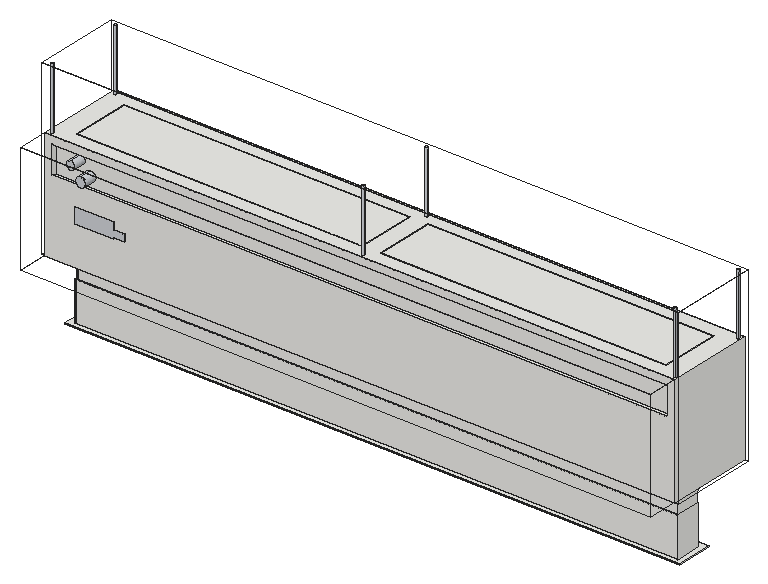
Revit family "AIRTECNICS_AIR CURTAIN_INVISAIR_DX-VRF_(TOSHIBA)", category Mechanical Equipment, Revit 2016
Family settings
  Part Type = Normal
  Round Connector Dimension = Use Diameter
  OmniClass Number = 23.75.70.21.17
  OmniClass Title = Air Curtains
  Work Plane-Based = No
  Always vertical = Yes
  Cut with Voids When Loaded = No
  Shared = No
  Room Calculation Point = No
Parameters (values of type "IECG 2000 VRF24-TO")
  · POSITION · [instance] = "-/ Select Curtain Position /-"  # constant formula
  · PIPES POSITION · [instance] = "-/ Select Pipes Position /-"  # constant formula
  · OTHERS · [instance] = "-/ Select Supports - Inst.Maint. Space /-"  # constant formula
  · KITS CONFIGURATION · [instance] = "-/ Configure Length Kit /-"  # constant formula
  · HEATING · = "-/ Select Heating /-"  # constant formula
  · EXTERNAL UNIT · [instance] = "-/ Select External Unit Type /-"  # constant formula
  · COIL ROWS · = "-/ Select DX Coil Rows /-"  # constant formula
  Weight [instance] = size_lookup(Name_Lookup_Data, "Weight", 1.00 kg, CM, CT, CH, CR, CDX)  # 89.00 kg
  WAn [instance] = 90.00°
  Voltage [instance] = 230 V  # constant formula
  URL_Manufacturer = "https://www.airtecnics.com/"
  URL_Datasheet = "https://www.airtecnics.com/download/file/5898/invisair-dx-toshiba-1-1-and-vrf.pdf"
  Triple Phase (External Ut.) [instance] = no
  Supports Length [instance] = 200.0 mm
  Supports (Horizontal) [instance] = yes
  Special Installation [instance] = no
  Single Phase (External Ut.) [instance] = not([Triple Phase (External Ut.)])  # yes
  Revit Version = "Revit 2016 - English"  # constant formula
  Review Date = "11/2018"  # constant formula
  Remote Control = "-"  # constant formula
  URL = "https://www.airtecnics.com/products/heat-pump-air-curtain-invisair-dx-for-toshiba"
  Refrigerant Pipes_P4 [instance] = no
  Refrigerant Pipes_P3 [instance] = no
  Refrigerant Pipes_P2 (Stn) [instance] = if(or(Refrigerant Pipes_P1, Refrigerant Pipes_P3, Refrigerant Pipes_P4), 1 = 0, 1 = 1)  # yes
  Refrigerant Pipes_P1 [instance] = no
  Product Size = if(L = 1500.0 mm, "1500", if(L = 2000.0 mm, "2000", "2500"))  # "2000"
  Product Reference [instance] = size_lookup(Name_Lookup_Ref, "", "Consult Manufacturer", CM, CT, CH, CR, CDX)  # "IECG 2000 VRF24-TO"
  Product Heating [instance] = if(DX 1:1, "Direct Expansion 1:1 system", "Direct Expansion VRF system")  # "Direct Expansion VRF system"
  Product Description [instance] = size_lookup(Name_Lookup_Data, "", "Consult Manufacturer", CM, CT, CH, CR, CDX)  # "Energy saving heat pump air curtain: Up to 70% reduction in costs and CO2 emissions (heating mode).\r\nSpecially designed for applications where the body of the air curtain is to be installed inside a column or bulkhead for architectural reasons. It can be vertically or horizontally mounted.\r\nSelf-supporting casing construction made of galvanized steel plate, finished in structural epoxy-polyester painting white colour RAL9016 as standard. Other colours or stainless steel are available on request. \r\nThe air flow of Invisair follows a straight line from the air inlet grille to the to the discharge. Inlet area inside a bulkhead or column should be designed with suitable grille provided by others.\r\nAnodized aluminium outlet vanes, airfoil shaped, adjustable from 0 to 15º each side.\r\nDouble-inlet centrifugal fans driven by an external rotor motor and low noise level. 5-speed selector. EC models assembled with very low consumption efficiency fans. \r\nIncludes only heating direct expansion coil with installed temperature sensors.\r\nPlug&Play control panel CS-5DX-NE slave DX with 5 speeds selector and 7m telephone cable included.\r\nReady to connect to TOSHIBA VRF outdoor heat pump unit (R410A), not included, the customer should purchase it.\r\nRequires MM-DXC010 TOSHIBA VRF Interface KIT adapted for air curtain, RBC-AMT32-E programmable control and MM-DXV280 expansion valve, please consult.\r\nAir Volume: 4380 m3/h \r\nFans:  0,426 kW  3,72 A 230Vx1 50/60Hz\r\nHeating capacity: 23,63 kW\r\nDimensions: 285x570/620x2055 mm (depth, height, length), including telescopic outlet for easy installation.\r\nNOT SUPPLIED BY AIRTÈCNICS:\r\nMM-DXC010 Interface VRF kit and RBC-AMT32-E programmable control.\r\nExpansion valve MM-DXV280.\r\nExternal unit VRF."
  Power Fans Factor [instance] = size_lookup(Name_Lookup_Data, "Power Fans Factor", 1, CM, CT, CH, CR, CDX)  # 0.5
  Power Fans [instance] = size_lookup(Name_Lookup_Data, "Power Fans", 1 kW, CM, CT, CH, CR, CDX)  # 0.426 kW
  P = 1 = 1  # yes
  Outlet Kit Length [instance] = 210.0 mm
  Noise Level (dB(A)) [instance] = size_lookup(Name_Lookup_Data, "Noise Level (dB(A))", 1, CM, CT, CH, CR, CDX)  # 63
  Name_Lookup_Ref_EU = "INVISAIR_(DX)_TO_Ref_EU_Lookup"  # constant formula
  Name_Lookup_Ref = "INVISAIR_(DX)_TO_Ref_Lookup"  # constant formula
  Name_Lookup_Data3 = "INVISAIR_(DX)_TO_Mainfolds_Lookup"  # constant formula
  Name_Lookup_Data2 = "INVISAIR_(DX)_TO_ExpValve_Lookup"  # constant formula
  Name_Lookup_Data = "INVISAIR_(DX)_TO_Data_Lookup"  # constant formula
  Model = "Air Curtain Invisair DX/VRF Toshiba"  # constant formula
  Material Grille = AIRTECNICS_Perforated_Invisair_White RAL 9016
  Material Curtain [instance] = AIRTECNICS_White RAL 9016
  Mainfolds [instance] = size_lookup(Name_Lookup_Data3, "", "Consult Manufacturer", CM, CT, CH, CR, CDX)  # "1\"1/8 & 1/2"
  Li1 [instance] = if(Horizontal, 226.5 mm, if(and(not(Horizontal), L < 2000.0 mm), (L + 25.0 mm) / 2 + 1.5 mm + 60.0 mm, if(and(not(Horizontal), L < 3000.0 mm), (L + 30.0 mm) / 2 + 1.5 mm + 60.0 mm, (L - 20.0 mm) / 2 + 1.5 mm + 60.0 mm)))  # 226.5 mm
  Length = if(L > 1500.0 mm, L + 55.0 mm, L + 50.0 mm)  # 2055.0 mm
  Kits Range [instance] = "Min. 210 mm / Max. 260 mm"  # constant formula
  Height [instance] = 570.0 mm + Outlet Kit Length - 210.0 mm + Depth - Depth  # 570.0 mm
  Heating Capacity [instance] = size_lookup(Name_Lookup_Data, "Heating Capacity", 1 kW, CM, CT, CH, CR, CDX)  # 23.63 kW
  Gas Coil Volume [instance] = size_lookup(Name_Lookup_Data, "Gas Coil Volume", 1.00 m³, CM, CT, CH, CR, CDX)  # 0.0041 m³
  G = 1 = 1  # yes
  Frequency = 50 Hz  # constant formula
  Fans Stage = 5  # constant formula
  Family Version = "1.0"  # constant formula
  External Ut. Reference [instance] = size_lookup(Name_Lookup_Ref_EU, "", "Consult Manufacturer", CM, CT, CH, CR, CEU, CDX)  # "Not available"
  Expansion Valve [instance] = size_lookup(Name_Lookup_Data2, "", "Consult Manufacturer", CM, CT, CH, CR, CDX)  # "MM-DXV280"
  EC = 1 = 1  # yes
  Dn_Metric_Refrig_Liquid [instance] = size_lookup(Name_Lookup_Data3, "Dn_Liquid", 1 mm, CM, CT, CH, CR, CDX)  # 15 mm
  Dn_Metric_Refrig_Gas [instance] = size_lookup(Name_Lookup_Data3, "Dn_Gas", 1 mm, CM, CT, CH, CR, CDX)  # 30 mm
  Depth = 285.0 mm  # constant formula
  DX VRF = not(DX 1:1)  # yes
  DX Kit [instance] = if(DX 1:1, "RAV-DXC010", "MM-DXC010")  # "MM-DXC010"
  DX Controller [instance] = "RBC-AMT32-E"  # constant formula
  DX Coil Rows = 4 = yes
  DX Coil Rows = 3 = not([DX Coil Rows = 4])  # no
  DX 1:1 = no
  Current Fans [instance] = size_lookup(Name_Lookup_Data, "Current Fans", 1 A, CM, CT, CH, CR, CDX)  # 3.72 A
  Created by = "BIMETRICAL"  # constant formula
  Control [instance] = "CS-5DX-NE"  # constant formula
  Capacity_Frig_Liquid [instance] = 0.0 L/s
  Capacity_Frig_Gas [instance] = 0.0 L/s
  Cable = "CB7"  # constant formula
  CT [instance] = if(L = 1000.0 mm, 2, 0) + if(L = 1500.0 mm, 4, 0) + if(L = 2000.0 mm, 8, 0) + if(L = 2500.0 mm, 16, 0) + if(L = 3000.0 mm, 32, 0)  # 8
  CR [instance] = if([DX Coil Rows = 3], 4, 2)  # 2
  CM [instance] = 12
  CH [instance] = if(DX 1:1, 2, 4)  # 4
  CEU [instance] = if([Single Phase (External Ut.)], 2, 4)  # 2
  CDX = 0
  Aspiration/Maintenance Space [instance] = yes
  Apparent Load [instance] = size_lookup(Name_Lookup_Data, "Apparent Load", 1 VA, CM, CT, CH, CR, CDX)  # 852 VA
  Airflow [instance] = size_lookup(Name_Lookup_Data, "Airflow", 1 m³/h, CM, CT, CH, CR, CDX)  # 4380 m³/h
  L = 2000.0 mm
  Type Image = <None>
  IfcExportType = "DXCOOLINGCOIL"  # constant formula
  IfcExportAs = "IfcCoilType"  # constant formula
  Horizontal [instance] = 1 = 1  # yes
  Manufacturer = "AIRTECNICS"  # constant formula
  Description = ""
  Type Comments = "Energy saving heat pump air curtain: Up to 70% reduction in costs and CO2 emissions (heating mode).\r\nSpecially designed for applications where the body of the air curtain is to be installed inside a column or bulkhead for architectural reasons. It can be vertically or horizontally mounted.\r\nSelf-supporting casing construction made of galvanized steel plate, finished in structural epoxy-polyester painting white colour RAL9016 as standard. Other colours or stainless steel are available on request.\r\nThe air flow of Invisair follows a straight line from the air inlet grille to the to the discharge. Inlet area inside a bulkhead or column should be designed with suitable grille provided by others.\r\nAnodized aluminium outlet vanes, airfoil shaped, adjustable from 0 to 15º each side.\r\nDouble-inlet centrifugal fans driven by an external rotor motor and low noise level. 5-speed selector. EC models assembled with very low consumption efficiency fans.\r\nIncludes only heating direct expansion coil with installed temperature sensors.\r\nPlug&Play control panel CS-5DX-NE slave DX with 5 speeds selector and 7m telephone cable included.\r\nDX 1:1:\r\nReady to connect to TOSHIBA Inverter outdoor heat pump unit (R410A) with expansion valve, not included, the customer should purchase it.\r\nRequires TOSHIBA DX Interface KIT adapted for air curtain and programmable control, please consult.\r\nDX VRF:\r\nReady to connect to TOSHIBA VRF outdoor heat pump unit (R410A), not included, the customer should purchase it.\r\nRequires TOSHIBA VRF Interface KIT adapted for air curtain, programmable control and expansion valve, please consult.\r\n"  # constant formula
  BIMETRICAL Category = "Coil"  # constant formula
  BIMETRICAL = "http://www.bimetrical.com"  # constant formula
Reference planes
  plane 1 "Centro (Frontal/Posterior)": z = 0
  plane 2: y = 246.57
  plane 3 "Centro (Izquierda/Derecha)": x = 0
Nested families
  nested 1: "GEOM_INVISAIR_(DX)" at (0, 246.57, 0), Outlet Kit Lenght <- "Outlet Kit Length", Supports (Horizontal) <- "Supports (Horizontal)", P1 <- "Refrigerant Pipes_P1", P3 <- "Refrigerant Pipes_P3", P4 <- "Refrigerant Pipes_P4", Aspiration/Maintenance Space <- "Aspiration/Maintenance Space", SPCI <- "Special Installation", type "GEOM_INVISAIR_(DX)"
    with Vertical Right no, Vertical Left no, VSUP yes, VPE no, VPD no, Supports (Horizontal) yes, STNI yes, SPCI no, P4 no, P3 no, P2 yes, P1 no, Outlet Kit Lenght 210.0 mm, OKL 210.0 mm, L3 10.0 mm, L2 10.0 mm, L1 176.22 mm, Horizontal yes, C_P 2, C_L 4, CH_4 235.0 mm, CH_3 37.0 mm, CH_2 139.0 mm, CH_1 275.86 mm, CC_4 50.0 mm, CC_3 221.89 mm, CC_2 106.0 mm, CC_1 313.83 mm, Aspiration/Maintenance Space yes, AH -90.00°, AC -90.00°, L* 2055.0 mm, L 2000.0 mm
Connectors
  electrical at (-825.125, 103.07, 148.65), driven by "Voltage", driven by "Apparent Load", driven by "Power Fans Factor"
    settings: on nested 1, index 1, voltage 230 V, apparent load 852 VA, apparent load phase1 0 VA, apparent load phase2 0 VA, apparent load phase3 0 VA, power factor 0.5, load classification "HVAC", number of poles 1, system type 30, power factor state 1, is connector primary yes, connector utility no, sub classification motor no, connector description ""
  piping at (-921.5, 77.18, 313.889), diameter 15, driven by "Capacity_Frig_Liquid", driven by "Dn_Metric_Refrig_Liquid"
    settings: on nested 1, index 2, connector inside diameter 609.6 mm, connector length 0.0 mm, flow factor 0, pipe flow 0.0 L/s, pressure drop 0.0 Pa, fitting loss kfactor 0, connector angle 0.00°, fixture units 0, engagement length 0.0 mm, angle of deflection 0.00°, flow configuration 1, flow direction 1, fitting loss method 0, system type 8, joint type 0, gender type 0, connector reference index -1, connector utility 0, adjustable connector no, is connector primary yes, connector description "Out"
  piping at (-888.5, 77.07, 275.86), diameter 30, driven by "Capacity_Frig_Gas", driven by "Dn_Metric_Refrig_Gas"
    settings: on nested 1, index 3, connector inside diameter 609.6 mm, connector length 0.0 mm, flow factor 0, pipe flow 0.0 L/s, pressure drop 0.0 Pa, fitting loss kfactor 0, connector angle 0.00°, fixture units 0, engagement length 0.0 mm, angle of deflection 0.00°, flow configuration 1, flow direction 1, fitting loss method 0, system type 8, joint type 0, gender type 0, connector reference index -1, connector utility 0, adjustable connector no, is connector primary no, connector description "In"
Definition of nested family "GEOM_INVISAIR_(DX)"
  Parameters (values of type "GEOM_INVISAIR_(DX)")
    Vertical Right [instance] = 1 = 0  # no
    Vertical Left [instance] = 1 = 0  # no
    VSUP [instance] = if(and(Horizontal, [Supports (Horizontal)]), 1 = 1, 1 = 0)  # yes
    VPE [instance] = Vertical Left  # no
    VPD [instance] = Vertical Right  # no
    Supports Length = 200.0 mm
    Supports (Horizontal) [instance] = yes
    STNI [instance] = not(SPCI)  # yes
    SPCI [instance] = no
    Revit Version = "Revit 2016 - English"  # constant formula
    Review Date = "11/2018"  # constant formula
    P4 [instance] = yes
    P3 [instance] = no
    P2 [instance] = not(or(P1, P3, P4))  # no
    P1 [instance] = no
    P = 1 = 1  # yes
    Outlet Kit Lenght [instance] = 210.0 mm
    OKL [instance] = if(Outlet Kit Lenght > 260.0 mm, 260.0 mm, if(Outlet Kit Lenght < 210.0 mm, 210.0 mm, Outlet Kit Lenght))  # 210.0 mm
    Name_CH = "CH_Dimensions_Lookup"  # constant formula
    Name_CC = "CC_Dimensions_Lookup"  # constant formula
    Model = "INVISAIR (DX)"  # constant formula
    Material Grille = none
    Material Curtain = none
    Manufacturer = "AIRTECNICS"  # constant formula
    L_sup = if(Supports Length = 0.0 mm, 1.0 mm, Supports Length)  # 200.0 mm
    L6 = 0.0 mm  # constant formula
    L5 = 0.0 mm  # constant formula
    L4 = 0.0 mm  # constant formula
    L3 [instance] = if(and(P, P4), 100.0 mm, 10.0 mm)  # 100.0 mm
    L2 [instance] = if(and(P, P1), 100.0 mm, 10.0 mm)  # 10.0 mm
    L1 [instance] = if(STNI, 176.22 mm, 108.78 mm)  # 176.22 mm
    L* = if(L < 2000.0 mm, L + 50.0 mm, L + 55.0 mm)  # 1550.0 mm
    L = 1500.0 mm
    Horizontal [instance] = 1 = 1  # yes
    Family Version = "1.0"  # constant formula
    Default Elevation = 1219.2 mm
    D_P = 20.00 mm
    Created by = "BIMETRICAL"  # constant formula
    C_P [instance] = if(P1, 1, 0) + if(P2, 2, 0) + if(P3, 4, 0) + if(P4, 8, 0)  # 8
    C_L [instance] = if(L = 1500.0 mm, 2, 0) + if(L = 2000.0 mm, 4, 0) + if(L = 2500.0 mm, 8, 0)  # 2
    CH_4 [instance] = size_lookup(Name_CH, "CH_4", 235.0 mm, C_L, C_P)  # 50.0 mm
    CH_3 [instance] = size_lookup(Name_CH, "CH_3", 37.0 mm, C_L, C_P)  # 106.0 mm
    CH_2 [instance] = size_lookup(Name_CH, "CH_2", 139.0 mm, C_L, C_P)  # 1444.0 mm
    CH_1 [instance] = size_lookup(Name_CH, "CH_1", 275.86 mm, C_L, C_P)  # 277.52 mm
    CC_4 [instance] = size_lookup(Name_CC, "CC_4", 50.0 mm, C_L, C_P)  # 235.0 mm
    CC_3 [instance] = size_lookup(Name_CC, "CC_3", 221.89 mm, C_L, C_P)  # 139.17 mm
    CC_2 [instance] = size_lookup(Name_CC, "CC_2", 106.0 mm, C_L, C_P)  # 1410.83 mm
    CC_1 [instance] = size_lookup(Name_CC, "CC_1", 313.86 mm, C_L, C_P)  # 307.52 mm
    BIMETRICAL = "http://www.bimetrical.com/"  # constant formula
    B1 = 0.0 mm  # constant formula
    B = 0.0 mm  # constant formula
    Aspiration/Maintenance Space [instance] = yes
    AH [instance] = size_lookup(Name_CH, "AH", 90.00°, C_L, C_P)  # 180.00°
    AC [instance] = size_lookup(Name_CC, "AC", 90.00°, C_L, C_P)  # 180.00°
    A = 0.0 mm  # constant formula
  Reference planes
    plane 1 "Centro (Frontal/Posterior)": y = 0
    plane 2: z = 0
    plane 3 "Centro (Izquierda/Derecha)": x = 0
    plane 4: y = 142.5
    plane 5: y = -142.5
    plane 6: x = -775
    plane 7: x = 775
    plane 8: z = 360
    plane 9: x = -751
    plane 10: x = 751
    plane 11: z = 337
    plane 12: x = -708
    plane 13: x = 708
    plane 14: x = 30
    plane 15: x = -30
    plane 16: y = -96.75
    plane 17: y = 96.75
    plane 18: z = 307.52
    plane 19: z = 277.52
    plane 20: x = 635.83
    plane 21: x = 669
    plane 22: y = -92.5
    plane 23: y = 92.5
    plane 24: x = -762.5
    plane 25: x = 762.5
    plane 26: y = 128.5
    plane 27: y = -128.5
  Forms (mm)
    Extrusion 1, solid, material <- "Material Curtain"
      sketch origin (-1376.546, -1524, 270) x (-1, 0, 0) y (0, -1, 0)
        loop
          line (-601.546, -1666.5) -> (-601.546, -1381.5) -> (-2151.546, -1381.5) -> (-2151.546, -1666.5) -> (-601.546, -1666.5)
      from -270 to 90
    Extrusion 2, void
      sketch origin (-1776.211, -142.5, 1200) x (1, 0, 0) y (0, 0, -1)
        loop
          line (1025.211, 863) -> (2527.211, 863) -> (2527.211, 956) -> (1025.211, 956) -> (1025.211, 863)
      from 13 to 0
    Extrusion 3, void
      sketch origin (-1504.338, -1524, 360) x (-1, 0, 0) y (0, -1, 0)
        loop
          line (-796.338, -1620.75) -> (-796.338, -1427.25) -> (-1474.338, -1427.25) -> (-1474.338, -1620.75) -> (-796.338, -1620.75)
        loop
          line (-1534.338, -1620.75) -> (-1534.338, -1427.25) -> (-2212.338, -1427.25) -> (-2212.338, -1620.75) -> (-1534.338, -1620.75)
      from 0 to -13
    Extrusion 4, solid, material <- "Material Grille"
      sketch origin (-1504.338, -1524, 360) x (-1, 0, 0) y (0, -1, 0)
        loop
          line (-796.338, -1620.75) -> (-796.338, -1427.25) -> (-1474.338, -1427.25) -> (-1474.338, -1620.75) -> (-796.338, -1620.75)
        loop
          line (-1534.338, -1620.75) -> (-1534.338, -1427.25) -> (-2212.338, -1427.25) -> (-2212.338, -1620.75) -> (-1534.338, -1620.75)
      from 0 to -2
    Extrusion 5, solid
      sketch origin (-1776.211, -142.5, 1200) x (-1, 0, 0) y (0, 0, -1)
        loop
          line (-1226.124, 1071.5) -> (-1226.298, 1067.5) -> (-1263.211, 1067.5) -> (-1263.211, 1044.2) -> (-1226.211, 1044.2) -> (-1226.211, 1022.2) -> (-1098.711, 1022.2) -> (-1098.711, 1071.5) -> (-1226.124, 1071.5)
      from 0 to 1
    Extrusion 6, solid, visible <- "P"
      sketch origin (775, -92.5, 307.52) x (0, 0, 1) y (0, -1, 0)
        loop
          circle (0.059, 0) r 13.5
      from 0 to 40
    Extrusion 7, solid, visible <- "P"
      sketch origin (775, 92.5, 278.518) x (0, 0, 1) y (0, -1, 0)
        loop
          circle (-0.998, 0) r 15.5
      from 0 to 40
    Extrusion 8, solid, visible <- "Aspiration/Maintenance Space"
      sketch origin (-1776.211, -142.5, 1200) x (-1, 0, 0) y (0, 0, -1)
        loop
          line (-1001.211, 1200) -> (-1001.211, 840) -> (-2551.211, 840) -> (-2551.211, 1200) -> (-2651.211, 1200) -> (-2651.211, 640) -> (-991.211, 640) -> (-991.211, 1200) -> (-1001.211, 1200)
      from 0 to -285
    Extrusion 9, solid, visible <- "Aspiration/Maintenance Space"
      sketch origin (-1776.211, -142.5, 1200) x (-1, 0, 0) y (0, 0, -1)
        loop
          line (-1001.211, 840) -> (-1001.211, 1200) -> (-2551.211, 1200) -> (-2551.211, 840) -> (-1001.211, 840)
      from 0 to 100
    Extrusion 10, solid, visible <- "VSUP"
      sketch origin (-1504.338, -1524, 360) x (-1, 0, 0) y (0, -1, 0)
        loop
          circle (-741.838, -1652.5) r 4
        loop
          circle (-741.838, -1395.5) r 4
        loop
          circle (-1504.338, -1395.5) r 4
        loop
          circle (-1504.338, -1652.5) r 4
        loop
          circle (-2266.838, -1652.5) r 4
        loop
          circle (-2266.838, -1395.5) r 4
      from -1 to 200
  Cuts and joins
    Extrusion 2, Extrusion 3 cuts Extrusion 1
  Lines and regions (mm)
    reference lines
      curve 1: line (635.83, -92.5, 307.52) -> (775, -92.5, 307.52)
      curve 2: line (669, 92.5, 277.52) -> (775, 92.5, 277.52)
    symbolic lines
      curve 3: line (-775, 142.5, 277.52) -> (775, 142.5, 277.52)
      curve 4: line (-775, -142.5, 277.52) -> (-775, 142.5, 277.52)
      curve 5: line (775, -142.5, 277.52) -> (-775, -142.5, 277.52)
      curve 6: line (775, 142.5, 277.52) -> (775, -142.5, 277.52)
      curve 7: line (-721, -15.69, 277.52) -> (721, -15.69, 277.52)
      curve 8: line (-721, -23.386, 277.52) -> (-721, -15.69, 277.52)
      curve 9: line (721, -23.386, 277.52) -> (-721, -23.386, 277.52)
      curve 10: line (721, -15.69, 277.52) -> (721, -23.386, 277.52)
      curve 11: line (721, -44.054, 277.52) -> (-721, -44.054, 277.52)
      curve 12: line (721, -51.746, 277.52) -> (721, -44.054, 277.52)
      curve 13: line (-721, -51.746, 277.52) -> (721, -51.746, 277.52)
      curve 14: line (-721, -44.054, 277.52) -> (-721, -51.746, 277.52)
    symbolic lines, visible <- "Aspiration/Maintenance Space"
      curve 15: line (-775, 142.5, 277.52) -> (-785, 142.5, 277.52)
      curve 16: line (-785, 142.5, 277.52) -> (-785, -142.5, 277.52)
      curve 17: line (-785, -142.5, 277.52) -> (-775, -142.5, 277.52)
      curve 18: line (775, 142.5, 277.52) -> (875, 142.5, 277.52)
      curve 19: line (875, 142.5, 277.52) -> (875, -142.5, 277.52)
      curve 20: line (875, -142.5, 277.52) -> (775, -142.5, 277.52)
      curve 21: line (-775, -142.5, 277.52) -> (-775, -242.5, 277.52)
      curve 22: line (-775, -242.5, 277.52) -> (775, -242.5, 277.52)
      curve 23: line (775, -242.5, 277.52) -> (775, -142.5, 277.52)
      curve 24: line (-775, -142.5, 0) -> (-785, -142.5, 0)
      curve 25: line (-785, -142.5, 0) -> (-785, -142.5, 560)
      curve 26: line (-785, -142.5, 560) -> (875, -142.5, 560)
      curve 27: line (875, -142.5, 560) -> (875, -142.5, 0)
      curve 28: line (875, -142.5, 0) -> (775, -142.5, 0)
      curve 29: line (-775, -142.5, 0) -> (-775, -242.5, 0)
      curve 30: line (-775, -242.5, 0) -> (-775, -242.5, 360)
      curve 31: line (-775, -242.5, 360) -> (-775, -142.5, 360)
      curve 32: line (-775, -142.5, 360) -> (-775, -142.5, 560)
      curve 33: line (-775, -142.5, 560) -> (-775, 142.5, 560)
      curve 34: line (-775, 142.5, 560) -> (-775, 142.5, 360)
  Dimensions and locks
    equal spacing: plane 5, plane 1 "Centro (Frontal/Posterior)", plane 4
    locked: plane 5 to plane 4 at 285
    equal spacing: plane 6, plane 3 "Centro (Izquierda/Derecha)", plane 7
    "L*": plane 6 to plane 7
    locked: plane 8 to plane 2 at 360
    locked: plane 9 to plane 6 at 24
    locked: plane 10 to plane 7 at 24
    locked: plane 8 to plane 11 at 23
    locked: plane 6 to plane 12 at 67
    plane 13 to plane 7 = 67.0 mm
    plane 3 "Centro (Izquierda/Derecha)" to plane 14 = 30.0 mm
    plane 3 "Centro (Izquierda/Derecha)" to plane 15 = 30.0 mm
    locked: plane 16 to plane 5 at 45.75
    locked: plane 17 to plane 4 at 45.75
    locked: plane 11 to Extrusion 2 sketch curve at 93
    "CC_1": plane 18 to level
    "CH_1": plane 19 to level
    "CC_2": plane 20 to plane 6
    "CH_2": plane 21 to plane 6
    "CC_4": plane 4 to plane 22
    "CH_4": plane 4 to plane 23
    "CC_3": curve 1 to curve 1
    "CH_3": curve 2 to curve 2
    locked: level to nested 1 at 0
    "L1": plane 4 to nested 1
    "L2": plane 6 to Extrusion 8 sketch curve
    "L3": plane 7 to Extrusion 8 sketch curve
    locked: plane 6 to plane 24 at 12.5
    locked: plane 25 to plane 7 at 12.5
    locked: plane 4 to plane 26 at 14
    locked: plane 5 to plane 27 at 14
    "Supports Length": Extrusion 10 to plane 8
    locked: Extrusion 5 sketch curve to plane 6 at 97.5
    locked: Extrusion 5 sketch curve to plane 6 at 262
    Extrusion 9 to plane 20 = 1410.83 mm
    Extrusion 9 to plane 21 = 106.0 mm
    diameter of Extrusion 7 sketch curve = 31.0 mm
    diameter of Extrusion 6 sketch curve = 27.0 mm
    "AC": angle curve 1 to plane 22
    "AH": angle curve 2 to plane 23
    aligned and locked: level to plane 2
    aligned and locked: Extrusion 1 sketch curve to plane 4
    aligned and locked: plane 6 to Extrusion 1 sketch curve
    aligned and locked: Extrusion 1 sketch curve to plane 5
    aligned and locked: plane 7 to Extrusion 1 sketch curve
    aligned and locked: Extrusion 1 to level
    aligned and locked: plane 8 to Extrusion 1
    aligned and locked: plane 9 to Extrusion 2 sketch curve
    aligned and locked: plane 10 to Extrusion 2 sketch curve
    aligned and locked: plane 5 to cut or joined group of Extrusion 1, Extrusion 2, Extrusion 3
    aligned and locked: plane 17 to Extrusion 3 sketch curve  (x2)
    aligned and locked: plane 12 to Extrusion 3 sketch curve
    aligned and locked: plane 16 to Extrusion 3 sketch curve  (x2)
    aligned and locked: Extrusion 3 sketch curve to plane 15
    aligned and locked: Extrusion 3 sketch curve to plane 14
    aligned and locked: plane 13 to Extrusion 3 sketch curve
    aligned and locked: plane 12 to Extrusion 4 sketch curve
    aligned and locked: plane 17 to Extrusion 4 sketch curve
    aligned and locked: plane 13 to Extrusion 4 sketch curve
    aligned and locked: Extrusion 4 sketch curve to plane 14
    aligned and locked: Extrusion 4 sketch curve to plane 15
    aligned and locked: plane 22 to curve 1
    aligned and locked: plane 20 to curve 1
    aligned and locked: plane 23 to curve 2
    aligned and locked: plane 21 to curve 2
    aligned and locked: Extrusion 5 to plane 5
    aligned and locked: curve 3 to cut or joined group of Extrusion 1, Extrusion 2, Extrusion 3
    aligned and locked: curve 4 to cut or joined group of Extrusion 1, Extrusion 2, Extrusion 3
    aligned and locked: curve 5 to cut or joined group of Extrusion 1, Extrusion 2, Extrusion 3
    aligned and locked: curve 6 to cut or joined group of Extrusion 1, Extrusion 2, Extrusion 3
    aligned and locked: curve 8 to nested 1
    aligned and locked: curve 9 to nested 1
    aligned and locked: curve 10 to nested 1
    aligned and locked: curve 11 to nested 1
    aligned and locked: curve 12 to nested 1
    aligned and locked: curve 13 to nested 1
    aligned and locked: curve 14 to nested 1
    aligned and locked: Extrusion 9 sketch curve to cut or joined group of Extrusion 1, Extrusion 2, Extrusion 3  (x2)
    aligned and locked: curve 19 to Extrusion 8
    aligned and locked: curve 22 to Extrusion 9
    aligned and locked: Extrusion 9 to plane 6
    aligned and locked: curve 27 to Extrusion 8
    aligned and locked: plane 24 to Extrusion 10 sketch curve
    aligned and locked: plane 26 to Extrusion 10 sketch curve  (x3)
    aligned and locked: plane 27 to Extrusion 10 sketch curve  (x3)
    aligned and locked: plane 3 "Centro (Izquierda/Derecha)" to Extrusion 10 sketch curve
    aligned and locked: curve 25 to Extrusion 8
    aligned and locked: curve 16 to Extrusion 8
    aligned and locked: plane 7 to Extrusion 9 sketch curve
  Automatic sketch dimensions
    Extrusion 2 sketch curve to plane 11 = 0.0 mm
    plane 17 to Extrusion 4 sketch curve = 0.0 mm
    Extrusion 4 sketch curve to plane 16 = 0.0 mm  (x2)
    Extrusion 5 sketch curve to Extrusion 5 sketch curve = 36.913 mm
    Extrusion 5 sketch curve to Extrusion 5 sketch curve = 0.087 mm
    Extrusion 5 sketch curve to Extrusion 5 sketch curve = 0.175 mm
    Extrusion 5 sketch curve to level = 128.5 mm
    Extrusion 5 sketch curve to Extrusion 5 sketch curve = 4.0 mm
    Extrusion 5 sketch curve to Extrusion 5 sketch curve = 23.3 mm
    Extrusion 5 sketch curve to Extrusion 5 sketch curve = 49.3 mm
    curve 8 to curve 8 = 7.696 mm
    Extrusion 9 sketch curve to level = 0.0 mm
    curve 28 to level = 0.0 mm
    plane 7 to curve 28 = 0.0 mm
    curve 24 to plane 6 = 0.0 mm
    curve 25 to level = 0.0 mm
    curve 26 to plane 8 = 200.0 mm
    Extrusion 10 sketch curve to plane 25 = 0.0 mm  (x2)
    Extrusion 10 sketch curve to plane 3 "Centro (Izquierda/Derecha)" = 0.0 mm
    Extrusion 10 sketch curve to plane 24 = 0.0 mm
    plane 18 to Extrusion 6 sketch curve = 0.059 mm
    Extrusion 7 sketch curve to plane 19 = 0.0 mm
    Extrusion 6 sketch curve to plane 22 = 0.0 mm
    Extrusion 7 sketch curve to plane 23 = 0.0 mm
    curve 30 to plane 8 = 0.0 mm
    curve 29 to plane 5 = 0.0 mm
    curve 31 to plane 5 = 0.0 mm
    curve 33 to plane 4 = 0.0 mm
    curve 34 to plane 8 = 0.0 mm
    curve 31 to curve 31 = 100.0 mm
    level to curve 30 = 0.0 mm
    plane 8 to curve 33 = 200.0 mm
    plane 7 to Extrusion 8 sketch curve = 0.0 mm
    Extrusion 8 sketch curve to level = 0.0 mm  (x2)
    Extrusion 8 sketch curve to plane 6 = 0.0 mm
    Extrusion 8 sketch curve to plane 8 = 0.0 mm
    Extrusion 8 sketch curve to plane 8 = 200.0 mm
    radius of Extrusion 10 sketch curve = 4.0 mm  (x6)
  Nested families
    nested 1: "GEOM_INVISAIR_OUTLET KIT" at (0, -280.29, -210), L <- "L", Outlet Kit Length <- "OKL", Material <- "Material Curtain", type "Outlet Kit"
      with Vi3 yes, Vi2 no, Vi1 yes, Outlet Kit Length 210.0 mm, Material none, L-45 1454.0 mm, L-39 1460.0 mm, L-2 1498.0 mm, L-16 1496.0 mm, L* 1550.0 mm, L 1500.0 mm
  Definition of nested family "GEOM_INVISAIR_OUTLET KIT"
    Parameters (values of type "Outlet Kit")
      Vi3 [instance] = yes
      Vi2 [instance] = if(L > 2200.0 mm, 1 = 1, 1 = 0)  # no
      Vi1 [instance] = if(L > 2200.0 mm, 1 = 0, 1 = 1)  # yes
      URL = "https://www.airtecnics.com/products/air-curtain-windbox-m-g"
      Revit Version = "Revit 2016 - English"  # constant formula
      Review Date = "10/18"  # constant formula
      Model = "Outlet Kit"  # constant formula
      Outlet Kit Length [instance] = 210.0 mm
      Material [instance] = none
      L-45 [instance] = [L*] - 96.0 mm  # 1454.0 mm
      L-39 [instance] = [L*] - 90.0 mm  # 1460.0 mm
      L-2 [instance] = [L*] - 52.0 mm  # 1498.0 mm
      L-16 [instance] = [L*] - 54.0 mm  # 1496.0 mm
      Type Image = (empty or 0)
      Manufacturer = "AIRTECNICS"  # constant formula
      Li1 = 1.0 mm
      L* [instance] = if(L < 2000.0 mm, L + 50.0 mm, L + 55.0 mm)  # 1550.0 mm
      L [instance] = 1500.0 mm
      Family Version = "1.0"  # constant formula
      Description = "AIRTECNICS_Air curtain Windbox M,G"  # constant formula
      Type Comments = ""
      Default Elevation = 1219.2 mm
      Created by = "BIMETRICAL"  # constant formula
      BIMETRICAL Category = "Fan"  # constant formula
      BIMETRICAL = "http://www.bimetrical.com/"  # constant formula
    Reference planes
      plane 1 "Centro (Frontal/Posterior)": z = 0
      plane 2: y = 246.57
      plane 3 "Centro (Izquierda/Derecha)": x = 0
      plane 4: x = -775
      plane 5: x = 775
      plane 6: x = -749
      plane 7: x = 749
      plane 8: x = -730
      plane 9: x = 730
      plane 10: x = 727
      plane 11: x = -727
      plane 12: z = 1
      plane 13: y = 205.57
      plane 14: y = 194.57
      plane 15: y = 284.07
      plane 16: y = 298.57
      plane 17: y = 209.07
      plane 18: y = 287.57
      plane 19: z = 209
      plane 20: z = 210
      plane 21: z = 109.617
      plane 22: z = 130
      plane 23: y = 187.07
      plane 24: y = 306.07
      plane 25: x = -748
      plane 26: x = 748
      plane 27: x = -721
      plane 28: x = 721
      plane 29: x = -242.333
      plane 30: x = 242.333
    Forms (mm)
      Extrusion 1, solid, material <- "Material"
        sketch origin (0, -0.907, 0) x (0, 1, 0) y (0, 0, 1)
          loop
            arc (237.142, 59.981) -> (233.296, 64) -> (229.45, 59.981) r 3.85
            line (229.45, 59.981) -> (231.847, 5.386)
            arc (231.847, 5.386) -> (233.296, 4) -> (234.745, 5.386) r 1.45
            line (234.745, 5.386) -> (237.142, 59.981)
          loop
            arc (265.503, 59.981) -> (261.656, 64) -> (257.81, 59.981) r 3.85
            line (257.81, 59.981) -> (260.208, 5.386)
            arc (260.208, 5.386) -> (261.656, 4) -> (263.105, 5.386) r 1.45
            line (263.105, 5.386) -> (265.503, 59.981)
        from -721 to 721
      Extrusion 2, solid, material <- "Material"
        sketch origin (0, 0, 0) x (1, 0, 0) y (0, 1, 0)
          loop
            line (-749, 306.07) -> (-749, 187.07) -> (749, 187.07) -> (749, 306.07) -> (-749, 306.07)
          loop
            line (-730, 205.57) -> (730, 205.57) -> (730, 287.57) -> (-730, 287.57) -> (-730, 205.57)
        from 0 to 1
      Extrusion 3, solid, material <- "Material", visible <- "Vi3"
        sketch origin (0, 0, 0) x (1, 0, 0) y (0, 1, 0)
          loop
            line (-730, 287.57) -> (-730, 205.57) -> (730, 205.57) -> (730, 287.57) -> (-730, 287.57)
          loop
            line (-729, 206.57) -> (729, 206.57) -> (729, 286.57) -> (-729, 286.57) -> (-729, 206.57)
        from 130 to 0
      Extrusion 4, solid, visible <- "Vi1", not visible
        sketch origin (-8, -340.372, 21.524) x (0, 1, 0) y (0, 0, 1)
          loop
            line (332.442, 36.84) -> (332.442, 4.84) -> (364.442, 4.84) -> (364.442, 36.84) -> (332.442, 36.84)
        from -1.5 to 4.5
      Extrusion 5, solid, visible <- "Vi1", not visible
        sketch origin (-4, -340.372, 2.371) x (0, 1, 0) y (0, 0, 1)
          loop
            line (310.942, 75.234) -> (310.942, 5.234) -> (385.942, 5.234) -> (385.942, 75.234) -> (310.942, 75.234)
        from 0.5 to 16.5
      Extrusion 6, solid, visible <- "Vi1", not visible
        sketch origin (-3.189, -340.372, 21.13) x (0, 1, 0) y (0, 0, 1)
          loop
            line (332.442, 37.234) -> (332.442, 5.234) -> (364.442, 5.234) -> (364.442, 37.234) -> (332.442, 37.234)
        from 15.689 to 21.689
      Extrusion 7, solid, visible <- "Vi1"
        sketch origin (-12.5, -101.872, 13.918) x (0, 1, 0) y (0, 0, 1)
          loop
            line (332.442, 36.84) -> (332.442, 4.84) -> (364.442, 4.84) -> (364.442, 36.84) -> (332.442, 36.84)
        from -1.5 to 4.5
      Extrusion 8, solid, visible <- "Vi1"
        sketch origin (-8.5, -101.872, -5.234) x (0, 1, 0) y (0, 0, 1)
          loop
            line (310.942, 75.234) -> (310.942, 5.234) -> (385.942, 5.234) -> (385.942, 75.234) -> (310.942, 75.234)
        from 0.5 to 16.5
      Extrusion 9, solid, visible <- "Vi1"
        sketch origin (-7.689, -101.872, 13.524) x (0, 1, 0) y (0, 0, 1)
          loop
            line (332.442, 37.234) -> (332.442, 5.234) -> (364.442, 5.234) -> (364.442, 37.234) -> (332.442, 37.234)
        from 15.689 to 21.689
      Extrusion 10, solid, visible <- "Vi2"
        sketch origin (-234.042, -101.872, 13.766) x (0, 1, 0) y (0, 0, 1)
          loop
            line (332.442, 36.993) -> (332.442, 4.993) -> (364.442, 4.993) -> (364.442, 36.993) -> (332.442, 36.993)
        from -22.292 to -16.292
      Extrusion 11, solid, visible <- "Vi2"
        sketch origin (-237.395, -101.872, -5.234) x (0, 1, 0) y (0, 0, 1)
          loop
            line (310.942, 75.234) -> (310.942, 5.234) -> (385.942, 5.234) -> (385.942, 75.234) -> (310.942, 75.234)
        from -12.939 to 3.061
      Extrusion 12, solid, visible <- "Vi2"
        sketch origin (-257.072, -101.872, 13.524) x (0, 1, 0) y (0, 0, 1)
          loop
            line (332.442, 37.234) -> (332.442, 5.234) -> (364.442, 5.234) -> (364.442, 37.234) -> (332.442, 37.234)
        from 22.739 to 28.739
      Extrusion 13, solid, visible <- "Vi2", not visible
        sketch origin (-404.625, -340.372, -84.071) x (0, 1, 0) y (0, 0, 1)
          loop
            line (332.442, 36.993) -> (332.442, 4.993) -> (364.442, 4.993) -> (364.442, 36.993) -> (332.442, 36.993)
        from -22.292 to -16.292
      Extrusion 14, solid, visible <- "Vi2", not visible
        sketch origin (-407.978, -340.372, -103.071) x (0, 1, 0) y (0, 0, 1)
          loop
            line (310.942, 75.234) -> (310.942, 5.234) -> (385.942, 5.234) -> (385.942, 75.234) -> (310.942, 75.234)
        from -12.939 to 3.061
      Extrusion 15, solid, visible <- "Vi2", not visible
        sketch origin (-427.656, -340.372, -84.312) x (0, 1, 0) y (0, 0, 1)
          loop
            line (332.442, 37.234) -> (332.442, 5.234) -> (364.442, 5.234) -> (364.442, 37.234) -> (332.442, 37.234)
        from 22.739 to 28.739
      Extrusion 16, solid, visible <- "Vi2"
        sketch origin (250.625, -101.872, 13.766) x (0, 1, 0) y (0, 0, 1)
          loop
            line (332.442, 36.993) -> (332.442, 4.993) -> (364.442, 4.993) -> (364.442, 36.993) -> (332.442, 36.993)
        from -22.292 to -16.292
      Extrusion 17, solid, visible <- "Vi2"
        sketch origin (247.272, -101.872, -5.234) x (0, 1, 0) y (0, 0, 1)
          loop
            line (310.942, 75.234) -> (310.942, 5.234) -> (385.942, 5.234) -> (385.942, 75.234) -> (310.942, 75.234)
        from -12.939 to 3.061
      Extrusion 18, solid, visible <- "Vi2"
        sketch origin (227.594, -101.872, 13.524) x (0, 1, 0) y (0, 0, 1)
          loop
            line (332.442, 37.234) -> (332.442, 5.234) -> (364.442, 5.234) -> (364.442, 37.234) -> (332.442, 37.234)
        from 22.739 to 28.739
      Extrusion 19, solid
        sketch origin (-724, -101.872, 13.766) x (0, 1, 0) y (0, 0, 1)
          loop
            line (332.442, 37.234) -> (332.442, 5.234) -> (364.442, 5.234) -> (364.442, 37.234) -> (332.442, 37.234)
        from -3 to 3
      Extrusion 20, solid, not visible
        sketch origin (-1202.417, -101.872, 27.291) x (0, 1, 0) y (0, 0, 1)
          loop
            line (332.442, 37.234) -> (332.442, 5.234) -> (364.442, 5.234) -> (364.442, 37.234) -> (332.442, 37.234)
        from -3 to 3
      Extrusion 21, solid
        sketch origin (724, -101.872, 13.524) x (0, 1, 0) y (0, 0, 1)
          loop
            line (332.442, 37.234) -> (332.442, 5.234) -> (364.442, 5.234) -> (364.442, 37.234) -> (332.442, 37.234)
        from -3 to 3
      Extrusion 22, solid, material <- "Material"
        sketch origin (0, 0, 0) x (0, 1, 0) y (0, 0, 1)
          loop
            line (336.57, 210) -> (321.57, 210) -> (283.07, 160) -> (283.07, 60) -> (284.07, 60) -> (284.07, 159.66) -> (322.062, 209) -> (336.57, 209) -> (336.57, 210)
          loop
            line (171.077, 209) -> (209.07, 159.66) -> (209.07, 60) -> (210.07, 60) -> (210.07, 160) -> (171.57, 210) -> (156.57, 210) -> (156.57, 209) -> (171.077, 209)
        from -726 to 726.022
      Extrusion 23, solid, material <- "Material"
        sketch origin (0, 0, 0) x (0, 1, 0) y (0, 0, 1)
          loop
            line (171.077, 209) -> (209.07, 159.66) -> (209.07, 60) -> (284.07, 60) -> (284.07, 159.66) -> (322.062, 209) -> (336.57, 209) -> (336.57, 210) -> (156.57, 210) -> (156.57, 209) -> (171.077, 209)
        from -727 to -726
      Extrusion 24, solid, material <- "Material"
        sketch origin (0, 0, 0) x (0, 1, 0) y (0, 0, 1)
          loop
            line (171.077, 209) -> (209.07, 159.66) -> (209.07, 60) -> (284.07, 60) -> (284.07, 159.66) -> (322.062, 209) -> (336.57, 209) -> (336.57, 210) -> (156.57, 210) -> (156.57, 209) -> (171.077, 209)
        from 726.022 to 727
      Extrusion 25, solid, material <- "Material"
        sketch origin (-727, 562.033, 1200) x (0, 1, 0) y (0, 0, 1)
          loop
            line (-225.463, -990) -> (-405.463, -990) -> (-405.463, -991) -> (-225.463, -991) -> (-225.463, -990)
        from 0 to -14.5
      Extrusion 26, solid, material <- "Material"
        sketch origin (727, 566.081, 1200) x (0, 1, 0) y (0, 0, 1)
          loop
            line (-229.511, -990) -> (-409.511, -990) -> (-409.511, -991) -> (-229.511, -991) -> (-229.511, -990)
        from 0 to 14.5
    Cuts and joins
      joined: Extrusion 22, Extrusion 23, Extrusion 24, Extrusion 25, Extrusion 26
    Dimensions and locks
      equal spacing: plane 4, plane 3 "Centro (Izquierda/Derecha)", plane 5
      "L*": plane 4 to plane 5
      equal spacing: plane 6, plane 3 "Centro (Izquierda/Derecha)", plane 7
      "L-2": plane 6 to plane 7
      equal spacing: plane 8, plane 3 "Centro (Izquierda/Derecha)", plane 9
      "L-39": plane 8 to plane 9
      equal spacing: plane 11, plane 3 "Centro (Izquierda/Derecha)", plane 10
      "L-45": plane 11 to plane 10
      plane 21 to plane 20 = 100.383 mm
      plane 1 "Centro (Frontal/Posterior)" to plane 22 = 130.0 mm
      locked: plane 1 "Centro (Frontal/Posterior)" to plane 12 at 1
      locked: plane 19 to plane 20 at 1
      locked: plane 23 to plane 13 at 18.5
      locked: plane 18 to plane 24 at 18.5
      locked: plane 13 to plane 18 at 82
      plane 23 to plane 24 = 119.0 mm
      "Outlet Kit Length": plane 1 "Centro (Frontal/Posterior)" to plane 20
      locked: Extrusion 1 sketch curve to Extrusion 1 sketch curve at 54.7  (x2)
      equal spacing: plane 25, plane 3 "Centro (Izquierda/Derecha)", plane 26
      "L-16": plane 25 to plane 26
      "Li1": Extrusion 3 sketch curve to Extrusion 3 sketch curve  (x4)
      locked: plane 28 to plane 10 at 6
      locked: plane 11 to plane 27 at 6
      equal spacing: plane 11, plane 29, plane 30, plane 10
      locked: Extrusion 4 sketch curve to Extrusion 4 sketch curve at 32  (x2)
      Extrusion 5 sketch curve to Extrusion 5 sketch curve = 70.0 mm
      locked: Extrusion 6 sketch curve to Extrusion 6 sketch curve at 32  (x2)
      locked: Extrusion 7 sketch curve to Extrusion 7 sketch curve at 32  (x2)
      Extrusion 8 sketch curve to Extrusion 8 sketch curve = 70.0 mm
      locked: Extrusion 9 sketch curve to Extrusion 9 sketch curve at 32  (x2)
      locked: Extrusion 10 sketch curve to Extrusion 10 sketch curve at 32  (x2)
      Extrusion 11 sketch curve to Extrusion 11 sketch curve = 70.0 mm
      locked: Extrusion 12 sketch curve to Extrusion 12 sketch curve at 32  (x2)
      locked: Extrusion 11 to plane 29 at 8
      locked: Extrusion 8 to plane 3 "Centro (Izquierda/Derecha)" at 8
      locked: Extrusion 13 sketch curve to Extrusion 13 sketch curve at 32  (x2)
      Extrusion 14 sketch curve to Extrusion 14 sketch curve = 70.0 mm
      locked: Extrusion 15 sketch curve to Extrusion 15 sketch curve at 32  (x2)
      locked: Extrusion 16 sketch curve to Extrusion 16 sketch curve at 32  (x2)
      Extrusion 17 sketch curve to Extrusion 17 sketch curve = 70.0 mm
      locked: Extrusion 18 sketch curve to Extrusion 18 sketch curve at 32  (x2)
      locked: Extrusion 17 to plane 30 at 8
      locked: Extrusion 19 sketch curve to Extrusion 19 sketch curve at 32  (x2)
      locked: Extrusion 20 sketch curve to Extrusion 20 sketch curve at 32  (x2)
      locked: Extrusion 21 sketch curve to Extrusion 21 sketch curve at 32  (x2)
      level to plane 22 = 130.0 mm
      locked: Extrusion 24 to plane 10 at 0.978
      locked: plane 11 to cut or joined group of Extrusion 22, Extrusion 23, Extrusion 24, Extrusion 25, Extrusion 26 at 1
      locked: cut or joined group of Extrusion 22, Extrusion 23, Extrusion 24, Extrusion 25, Extrusion 26 to Extrusion 23 sketch curve at 50.34
      locked: Extrusion 22 sketch curve to plane 20 at 50.34
      locked: Extrusion 24 sketch curve to plane 20 at 50.34
      Extrusion 2 to Extrusion 2 = 1498.0 mm
      cut or joined group of Extrusion 22, Extrusion 23, Extrusion 24, Extrusion 25, Extrusion 26 to cut or joined group of Extrusion 22, Extrusion 23, Extrusion 24, Extrusion 25, Extrusion 26 = 1483.0 mm
      locked: plane 15 to Extrusion 22 sketch curve (angle 37.5963°)
      locked: Extrusion 22 sketch curve to plane 17 (angle 37.5963°)
      locked: plane 15 to Extrusion 23 sketch curve (angle 37.5963°)
      locked: Extrusion 23 sketch curve to plane 17 (angle 37.5963°)
      locked: plane 15 to Extrusion 24 sketch curve (angle 37.5963°)
      locked: Extrusion 24 sketch curve to plane 17 (angle 37.5963°)
      aligned and locked: Extrusion 2 sketch curve to plane 24
      aligned and locked: plane 6 to Extrusion 2 sketch curve
      aligned and locked: plane 23 to Extrusion 2 sketch curve
      aligned and locked: plane 7 to Extrusion 2 sketch curve
      aligned and locked: Extrusion 2 sketch curve to plane 13
      aligned and locked: Extrusion 2 sketch curve to plane 8
      aligned and locked: plane 18 to Extrusion 2 sketch curve
      aligned and locked: plane 9 to Extrusion 2 sketch curve
      aligned and locked: Extrusion 3 sketch curve to plane 18
      aligned and locked: Extrusion 3 sketch curve to plane 9
      aligned and locked: plane 13 to Extrusion 3 sketch curve
      aligned and locked: plane 8 to Extrusion 3 sketch curve
      aligned and locked: plane 1 "Centro (Frontal/Posterior)" to Extrusion 2
      aligned and locked: Extrusion 2 to plane 12
      aligned and locked: Extrusion 3 to plane 22
      aligned and locked: plane 1 "Centro (Frontal/Posterior)" to Extrusion 3
      aligned and locked: Extrusion 1 to plane 27
      aligned and locked: plane 28 to Extrusion 1
      aligned and locked: plane 10 to Extrusion 21
      aligned and locked: Extrusion 8 to Extrusion 7
      aligned and locked: Extrusion 8 to Extrusion 9
      aligned and locked: Extrusion 5 to Extrusion 4
      aligned and locked: Extrusion 5 to Extrusion 6
      aligned and locked: plane 27 to Extrusion 19
      aligned and locked: Extrusion 21 to Extrusion 1
      aligned and locked: Extrusion 22 to Extrusion 23
      aligned and locked: plane 10 to Extrusion 24
      aligned and locked: Extrusion 22 to Extrusion 24
      aligned and locked: cut or joined group of Extrusion 22, Extrusion 23, Extrusion 24, Extrusion 25, Extrusion 26 to plane 11
      aligned and locked: Extrusion 25 sketch curve to cut or joined group of Extrusion 22, Extrusion 23, Extrusion 24, Extrusion 25, Extrusion 26  (x3)
    Automatic sketch dimensions
      plane 2 to Extrusion 1 sketch curve = 18.026 mm
      Extrusion 1 sketch curve to plane 12 = 4.386 mm  (x4)
      plane 2 to Extrusion 1 sketch curve = 15.629 mm
      Extrusion 1 sketch curve to Extrusion 1 sketch curve = 1.449 mm  (x2)
      Extrusion 1 sketch curve to Extrusion 1 sketch curve = 3.846 mm  (x4)
      Extrusion 1 sketch curve to plane 2 = 10.334 mm
      Extrusion 1 sketch curve to plane 2 = 12.732 mm
      Extrusion 1 sketch curve to Extrusion 1 sketch curve = 0.064 mm  (x2)
      Extrusion 1 sketch curve to Extrusion 1 sketch curve = 0.169 mm  (x2)
      Extrusion 17 sketch curve to Extrusion 17 sketch curve = 75.0 mm
      Extrusion 11 sketch curve to Extrusion 11 sketch curve = 75.0 mm
      Extrusion 14 sketch curve to Extrusion 14 sketch curve = 75.0 mm
      Extrusion 8 sketch curve to Extrusion 8 sketch curve = 75.0 mm
      Extrusion 5 sketch curve to Extrusion 5 sketch curve = 75.0 mm
      plane 20 to Extrusion 22 sketch curve = 0.0 mm
      Extrusion 22 sketch curve to plane 19 = 0.0 mm  (x2)
      Extrusion 22 sketch curve to Extrusion 22 sketch curve = 14.508 mm  (x2)
      Extrusion 22 sketch curve to plane 20 = 0.0 mm
      Extrusion 22 sketch curve to Extrusion 22 sketch curve = 0.492 mm  (x2)
      plane 17 to Extrusion 22 sketch curve = 0.0 mm
      plane 17 to Extrusion 22 sketch curve = 1.0 mm
      Extrusion 22 sketch curve to plane 15 = 1.0 mm
      plane 15 to Extrusion 22 sketch curve = 0.0 mm
      plane 24 to Extrusion 22 sketch curve = 15.5 mm
      Extrusion 22 sketch curve to Extrusion 22 sketch curve = 0.34 mm  (x2)
      plane 21 to Extrusion 22 sketch curve = 49.617 mm  (x2)
      Extrusion 23 sketch curve to plane 19 = 0.0 mm  (x2)
      Extrusion 23 sketch curve to Extrusion 23 sketch curve = 14.508 mm  (x2)
      plane 17 to Extrusion 23 sketch curve = 0.0 mm
      plane 15 to Extrusion 23 sketch curve = 0.0 mm
      plane 24 to Extrusion 23 sketch curve = 15.992 mm
      Extrusion 23 sketch curve to plane 20 = 0.0 mm
      plane 21 to Extrusion 23 sketch curve = 49.617 mm
      Extrusion 24 sketch curve to plane 19 = 0.0 mm  (x2)
      Extrusion 24 sketch curve to Extrusion 24 sketch curve = 14.508 mm  (x2)
      plane 17 to Extrusion 24 sketch curve = 0.0 mm
      plane 15 to Extrusion 24 sketch curve = 0.0 mm
      plane 24 to Extrusion 24 sketch curve = 15.992 mm
      Extrusion 24 sketch curve to plane 20 = 0.0 mm
      plane 21 to Extrusion 24 sketch curve = 49.617 mm
      Extrusion 25 sketch curve to plane 20 = 0.0 mm
      Extrusion 26 sketch curve to plane 20 = 0.0 mm
      Extrusion 26 sketch curve to plane 23 = 30.5 mm
      Extrusion 26 sketch curve to plane 19 = 0.0 mm
      plane 24 to Extrusion 26 sketch curve = 30.5 mm
Types (12, lengths in mm): name | Weight | Product Size | Product Reference | Product Heating | Product Description | Power Fans | Noise Level (dB(A)) | Mainfolds | Length | Heating Capacity | Gas Coil Volume | External Ut. Reference | Expansion Valve | Dn_Metric_Refrig_Liquid | Dn_Metric_Refrig_Gas | DX VRF | DX Kit | DX Coil Rows = 4 | DX Coil Rows = 3 | DX 1:1 | Current Fans | CT | CR | CH | CDX | Apparent Load | Airflow | L
  IECG 2500 VRF29-TO | 94.00 kg | "2500" | "IECG 2500 VRF29-TO" | "Direct Expansion VRF system" | "Energy saving heat pump air curtain: Up to 70% reduction in costs and CO2 emissions (heating mode).\r\nSpecially designed for applications where the body of the air curtain is to be installed inside a column or bulkhead for architectural reasons. It can be vertically or horizontally mounted.\r\nSelf-supporting casing construction made of galvanized steel plate, finished in structural epoxy-polyester painting white colour RAL9016 as standard. Other colours or stainless steel are available on request. \r\nThe air flow of Invisair follows a straight line from the air inlet grille to the to the discharge. Inlet area inside a bulkhead or column should be designed with suitable grille provided by others.\r\nAnodized aluminium outlet vanes, airfoil shaped, adjustable from 0 to 15º each side.\r\nDouble-inlet centrifugal fans driven by an external rotor motor and low noise level. 5-speed selector. EC models assembled with very low consumption efficiency fans. \r\nIncludes only heating direct expansion coil with installed temperature sensors.\r\nPlug&Play control panel CS-5DX-NE slave DX with 5 speeds selector and 7m telephone cable included.\r\nReady to connect to TOSHIBA VRF outdoor heat pump unit (R410A), not included, the customer should purchase it.\r\nRequires MM-DXC010 TOSHIBA VRF Interface KIT adapted for air curtain, RBC-AMT32-E programmable control and MM-DXV280 expansion valve, please consult.\r\nAir Volume: 5110 m3/h \r\nFans:  0,497 kW  4,34 A 230Vx1 50/60Hz\r\nHeating capacity: 28,89 kW\r\nDimensions: 285x570/620x2555 mm (depth, height, length), including telescopic outlet for easy installation.\r\nNOT SUPPLIED BY AIRTÈCNICS:\r\nMM-DXC010 Interface VRF kit and RBC-AMT32-E programmable control.\r\nExpansion valve MM-DXV280.\r\nExternal unit VRF." | 0.497 kW | 64 | "1\"1/8 & 1/2" | 2555.0 | 28.89 kW | 0.0053 m³ | "Not available" | "MM-DXV280" | 15 | 30 | yes | "MM-DXC010" | yes | no | no | 4.34 A | 16 | 2 | 4 | 0 | 994 VA | 5110 m³/h | 2500.0
  IECG 2500 VRF25-TO | 94.00 kg | "2500" | "IECG 2500 VRF25-TO" | "Direct Expansion VRF system" | "Energy saving heat pump air curtain: Up to 70% reduction in costs and CO2 emissions (heating mode).\r\nSpecially designed for applications where the body of the air curtain is to be installed inside a column or bulkhead for architectural reasons. It can be vertically or horizontally mounted.\r\nSelf-supporting casing construction made of galvanized steel plate, finished in structural epoxy-polyester painting white colour RAL9016 as standard. Other colours or stainless steel are available on request. \r\nThe air flow of Invisair follows a straight line from the air inlet grille to the to the discharge. Inlet area inside a bulkhead or column should be designed with suitable grille provided by others.\r\nAnodized aluminium outlet vanes, airfoil shaped, adjustable from 0 to 15º each side.\r\nDouble-inlet centrifugal fans driven by an external rotor motor and low noise level. 5-speed selector. EC models assembled with very low consumption efficiency fans. \r\nIncludes only heating direct expansion coil with installed temperature sensors.\r\nPlug&Play control panel CS-5DX-NE slave DX with 5 speeds selector and 7m telephone cable included.\r\nReady to connect to TOSHIBA VRF outdoor heat pump unit (R410A), not included, the customer should purchase it.\r\nRequires MM-DXC010 TOSHIBA VRF Interface KIT adapted for air curtain, RBC-AMT32-E programmable control and MM-DXV280 expansion valve, please consult.\r\nAir Volume: 5110 m3/h \r\nFans:  0,497 kW  4,34 A 230Vx1 50/60Hz\r\nHeating capacity: 24,86 kW\r\nDimensions: 285x570/620x2555 mm (depth, height, length), including telescopic outlet for easy installation.\r\nNOT SUPPLIED BY AIRTÈCNICS:\r\nMM-DXC010 Interface VRF kit and RBC-AMT32-E programmable control.\r\nExpansion valve MM-DXV280.\r\nExternal unit VRF." | 0.497 kW | 64 | "1\"1/8 & 1/2" | 2555.0 | 24.86 kW | 0.0039 m³ | "Not available" | "MM-DXV280" | 15 | 30 | yes | "MM-DXC010" | no | yes | no | 4.34 A | 16 | 4 | 4 | 0 | 994 VA | 5110 m³/h | 2500.0
  IECG 2500 DX27-TO | 94.00 kg | "2500" | "IECG 2500 DX27-TO" | "Direct Expansion 1:1 system" | "Energy saving heat pump air curtain: Up to 70% reduction in costs and CO2 emissions (heating mode).\r\nSpecially designed for applications where the body of the air curtain is to be installed inside a column or bulkhead for architectural reasons. It can be vertically or horizontally mounted.\r\nSelf-supporting casing construction made of galvanized steel plate, finished in structural epoxy-polyester painting white colour RAL9016 as standard. Other colours or stainless steel are available on request. \r\nThe air flow of Invisair follows a straight line from the air inlet grille to the to the discharge. Inlet area inside a bulkhead or column should be designed with suitable grille provided by others.\r\nAnodized aluminium outlet vanes, airfoil shaped, adjustable from 0 to 15º each side.\r\nDouble-inlet centrifugal fans driven by an external rotor motor and low noise level. 5-speed selector. EC models assembled with very low consumption efficiency fans. \r\nIncludes only heating direct expansion coil with installed temperature sensors.\r\nPlug&Play control panel CS-5DX-NE slave DX with 5 speeds selector and 7m telephone cable included.\r\nReady to connect to TOSHIBA Inverter outdoor heat pump unit (R410A) with expansion valve, not included, the customer should purchase it.\r\nRequires TOSHIBA DX Interface KIT adapted for air curtain RAV-DXC010 and RBC-AMT32-E programmable control, please consult.\r\nAir Volume: 5110 m3/h \r\nFans:  0,497 kW  4,34 A 230Vx1 50/60Hz\r\nHeating capacity: 27,00 kW\r\nDimensions: 285x570/620x2555 mm (depth, height, length), including telescopic outlet for easy installation.\r\nNOT SUPPLIED BY AIRTÈCNICS:\r\nRAV-DXC010 Interface DX kit and RBC-AMT32-E programmable control.\r\nExternal unit:\r\n RAV-SM2804AT8-EExternal unit with direct expansion valve Toshiba, triple phase motor 400Vx3 50Hz.\r\nHeating capacity 27kW. Heating power: 8,15kW. COP 3,31.\r\nCooling capacity 23kW. Cooling power 8,75kW. EER 2,63.\r\nCooling circuits 1\"1/8 - 1/2\".\r\nMinimum length 7,5m.\r\nMaximum length 70m.\r\nMaximum slope 30m." | 0.497 kW | 64 | "1\"1/8 & 1/2" | 2555.0 | 27 kW | 0.0053 m³ | "Only Triple Phase" | "Included on External Unit" | 15 | 30 | no | "RAV-DXC010" | yes | no | yes | 4.34 A | 16 | 2 | 2 | 0 | 994 VA | 5110 m³/h | 2500.0
  IECG 2500 DX22-TO | 94.00 kg | "2500" | "IECG 2500 DX22-TO" | "Direct Expansion 1:1 system" | "Energy saving heat pump air curtain: Up to 70% reduction in costs and CO2 emissions (heating mode).\r\nSpecially designed for applications where the body of the air curtain is to be installed inside a column or bulkhead for architectural reasons. It can be vertically or horizontally mounted.\r\nSelf-supporting casing construction made of galvanized steel plate, finished in structural epoxy-polyester painting white colour RAL9016 as standard. Other colours or stainless steel are available on request. \r\nThe air flow of Invisair follows a straight line from the air inlet grille to the to the discharge. Inlet area inside a bulkhead or column should be designed with suitable grille provided by others.\r\nAnodized aluminium outlet vanes, airfoil shaped, adjustable from 0 to 15º each side.\r\nDouble-inlet centrifugal fans driven by an external rotor motor and low noise level. 5-speed selector. EC models assembled with very low consumption efficiency fans. \r\nIncludes only heating direct expansion coil with installed temperature sensors.\r\nPlug&Play control panel CS-5DX-NE slave DX with 5 speeds selector and 7m telephone cable included.\r\nReady to connect to TOSHIBA Inverter outdoor heat pump unit (R410A) with expansion valve, not included, the customer should purchase it.\r\nRequires TOSHIBA DX Interface KIT adapted for air curtain RAV-DXC010 and RBC-AMT32-E programmable control, please consult.\r\nAir Volume: 5110 m3/h \r\nFans:  0,497 kW  4,34 A 230Vx1 50/60Hz\r\nHeating capacity: 22,4 kW\r\nDimensions: 285x570/620x2555 mm (depth, height, length), including telescopic outlet for easy installation.\r\nNOT SUPPLIED BY AIRTÈCNICS:\r\nRAV-DXC010 Interface DX kit and RBC-AMT32-E programmable control.\r\nExternal unit:\r\n RAV-SM2244AT8-EExternal unit with direct expansion valve Toshiba, triple phase motor 400Vx3 50Hz.\r\nHeating capacity 22,4kW. Heating power: 6,49kW. COP 3,45.\r\nCooling capacity 20kW. Cooling power 7,2kW. EER 2,78.\r\nCooling circuits 1\"1/8 - 1/2\".\r\nMinimum length 7,5m.\r\nMaximum length 70m.\r\nMaximum slope 30m." | 0.497 kW | 64 | "1\"1/8 & 1/2" | 2555.0 | 22.4 kW | 0.0039 m³ | "Only Triple Phase" | "Included on External Unit" | 15 | 30 | no | "RAV-DXC010" | no | yes | yes | 4.34 A | 16 | 4 | 2 | 0 | 994 VA | 5110 m³/h | 2500.0
  IECG 2000 VRF24-TO | 89.00 kg | "2000" | "IECG 2000 VRF24-TO" | "Direct Expansion VRF system" | "Energy saving heat pump air curtain: Up to 70% reduction in costs and CO2 emissions (heating mode).\r\nSpecially designed for applications where the body of the air curtain is to be installed inside a column or bulkhead for architectural reasons. It can be vertically or horizontally mounted.\r\nSelf-supporting casing construction made of galvanized steel plate, finished in structural epoxy-polyester painting white colour RAL9016 as standard. Other colours or stainless steel are available on request. \r\nThe air flow of Invisair follows a straight line from the air inlet grille to the to the discharge. Inlet area inside a bulkhead or column should be designed with suitable grille provided by others.\r\nAnodized aluminium outlet vanes, airfoil shaped, adjustable from 0 to 15º each side.\r\nDouble-inlet centrifugal fans driven by an external rotor motor and low noise level. 5-speed selector. EC models assembled with very low consumption efficiency fans. \r\nIncludes only heating direct expansion coil with installed temperature sensors.\r\nPlug&Play control panel CS-5DX-NE slave DX with 5 speeds selector and 7m telephone cable included.\r\nReady to connect to TOSHIBA VRF outdoor heat pump unit (R410A), not included, the customer should purchase it.\r\nRequires MM-DXC010 TOSHIBA VRF Interface KIT adapted for air curtain, RBC-AMT32-E programmable control and MM-DXV280 expansion valve, please consult.\r\nAir Volume: 4380 m3/h \r\nFans:  0,426 kW  3,72 A 230Vx1 50/60Hz\r\nHeating capacity: 23,63 kW\r\nDimensions: 285x570/620x2055 mm (depth, height, length), including telescopic outlet for easy installation.\r\nNOT SUPPLIED BY AIRTÈCNICS:\r\nMM-DXC010 Interface VRF kit and RBC-AMT32-E programmable control.\r\nExpansion valve MM-DXV280.\r\nExternal unit VRF." | 0.426 kW | 63 | "1\"1/8 & 1/2" | 2055.0 | 23.63 kW | 0.0041 m³ | "Not available" | "MM-DXV280" | 15 | 30 | yes | "MM-DXC010" | yes | no | no | 3.72 A | 8 | 2 | 4 | 0 | 852 VA | 4380 m³/h | 2000.0
